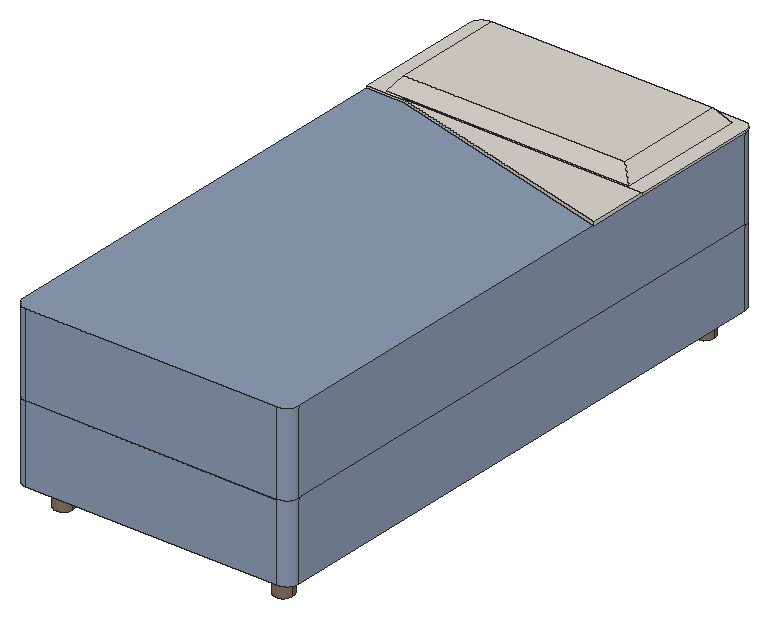
Revit family
Parameters (values of type "Single")
  Width = 900 mm
  Length = 1900 mm
  Height = 600 mm
  Feet = 80 mm
  Base = 250 mm
Types (3, lengths in mm): name | Width | Length
  (no name) | 900 | 1900
  Single | 900 | 1900
  King Single | 1050 | 2000
Reference planes
  plane 1 "Center (Front/Back)": y = 0
  plane 2: z = 0
  plane 3 "Center (Left/Right)": x = -22.674
  plane 4: y = -1900
  plane 5: x = -472.674
  plane 6: x = 427.326
  plane 7 "Base": z = 80
  plane 8 "Mattress": z = 330
  plane 9 "Top": z = 600
  plane 10: y = -1810
  plane 11: y = -90
  plane 12: x = -382.674
  plane 13: x = 337.326
Forms (mm)
  Extrusion 1, solid, material "Fabric - Bed Cover"
    sketch origin (0, 0, 80) x (0, -1, 0) y (1, 0, 0)
      loop
        line (1900, -432.674) -> (1900, 387.326)
        arc (1900, 387.326) -> (1888.284, 415.61) -> (1860, 427.326) r 40
        line (1860, 427.326) -> (40, 427.326)
        arc (40, 427.326) -> (11.716, 415.61) -> (0, 387.326) r 40
        line (0, 387.326) -> (0, -432.674)
        arc (0, -432.674) -> (11.716, -460.958) -> (40, -472.674) r 40
        line (40, -472.674) -> (1860, -472.674)
        arc (1860, -472.674) -> (1888.284, -460.958) -> (1900, -432.674) r 40
    from 0 to 250
  Extrusion 2, solid, material "Fabric - Bed Cover"
    sketch origin (0, 0, 330) x (0, -1, 0) y (1, 0, 0)
      loop
        arc (0, -432.674) -> (11.716, -460.958) -> (40, -472.674) r 40
        line (40, -472.674) -> (1860, -472.674)
        arc (1860, -472.674) -> (1888.284, -460.958) -> (1900, -432.674) r 40
        line (1900, -432.674) -> (1900, 387.326)
        arc (1900, 387.326) -> (1888.284, 415.61) -> (1860, 427.326) r 40
        line (1860, 427.326) -> (40, 427.326)
        arc (40, 427.326) -> (11.716, 415.61) -> (0, 387.326) r 40
        line (0, 387.326) -> (0, -432.674)
    from 0 to 270
  Extrusion 3, solid, material "Wood - Teak"
    sketch origin (0, 0, 0) x (1, 0, 0) y (0, 1, 0)
      loop
        circle (-382.674, -90) r 30
      loop
        circle (337.326, -90) r 30
      loop
        circle (-382.674, -1810) r 30
      loop
        circle (337.326, -1810) r 30
    from 0 to 80
  Extrusion 4, solid, material "Fabric - Bed Linen"
    sketch origin (0, 0, 600) x (0, -1, 0) y (1, 0, 0)
      loop
        line (460, -352.674) -> (657.678, 427.326) -> (460, 427.326) -> (460, -352.674)
    from 0 to 10
  Extrusion 5, solid, material "Fabric - Bed Linen"
    sketch origin (0, 0, 600) x (0, -1, 0) y (1, 0, 0)
      loop
        line (460, -472.674) -> (460, 427.326) -> (40, 427.326)
        arc (40, 427.326) -> (11.716, 415.61) -> (0, 387.326) r 40
        line (0, 387.326) -> (0, -432.674)
        arc (0, -432.674) -> (11.716, -460.958) -> (40, -472.674) r 40
        line (40, -472.674) -> (460, -472.674)
    from 0 to 5
  Blend 6, solid, material "Fabric - Bed Linen"
    base sketch origin (0, 0, 600) x (0, -1, 0) y (1, 0, 0)
      loop
        line (446.212, -417.542) -> (446.212, 372.458) -> (26.212, 372.458) -> (26.212, -417.542) -> (446.212, -417.542)
    top sketch origin (0, 0, 600) x (0, -1, 0) y (1, 0, 0)
      loop
        line (60, -382.674) -> (420, -382.674) -> (420, 337.326) -> (60, 337.326) -> (60, -382.674)
    from 5 to 50
Lines and regions (mm)
  model lines
    curve 1: line (-472.674, -460, 600) -> (427.326, -460, 600)
    curve 2: line (-352.674, -460, 600) -> (427.326, -657.678, 600)
    curve 3: line (-417.542, -26.212, 600) -> (-417.542, -446.212, 600)
    curve 4: line (372.458, -26.212, 600) -> (-417.542, -26.212, 600)
    curve 5: line (-417.542, -446.212, 600) -> (372.458, -446.212, 600)
    curve 6: line (372.458, -446.212, 600) -> (372.458, -26.212, 600)
  symbolic lines
    curve 7: line (-417.542, -446.212, 0) -> (372.458, -446.212, 0)
    curve 8: line (-417.542, -26.212, 0) -> (-417.542, -446.212, 0)
    curve 9: line (372.458, -26.212, 0) -> (-417.542, -26.212, 0)
    curve 10: line (372.458, -446.212, 0) -> (372.458, -26.212, 0)
    curve 11: line (-417.542, -26.212, 0) -> (-382.674, -60, 0)
    curve 12: line (372.458, -26.212, 0) -> (337.326, -60, 0)
    curve 13: line (372.458, -446.212, 0) -> (337.326, -420, 0)
    curve 14: line (-417.542, -446.212, 0) -> (-382.674, -420, 0)
Dimensions and locks
  equal spacing: plane 5, plane 3 "Center (Left/Right)", plane 6
  "Length": plane 4 to plane 1 "Center (Front/Back)"
  "Width": plane 5 to plane 6
  "Feet": plane 7 "Base" to plane 2
  "Base": plane 8 "Mattress" to plane 7 "Base"
  "Height": plane 9 "Top" to plane 2
  locked: plane 1 "Center (Front/Back)" to plane 11 at 90
  locked: plane 4 to plane 10 at 90
  locked: plane 5 to plane 12 at 90
  locked: plane 13 to plane 6 at 90
  aligned: curve 14 to Blend 6
Automatic sketch dimensions
  Extrusion 1 sketch curve to plane 1 "Center (Front/Back)" = 0 mm
  Extrusion 1 sketch curve to plane 6 = 0 mm
  Extrusion 1 sketch curve to plane 5 = 0 mm
  Extrusion 1 sketch curve to plane 4 = 0 mm
  plane 1 "Center (Front/Back)" to Extrusion 1 sketch curve = 40 mm  (x2)
  Extrusion 1 sketch curve to Extrusion 1 sketch curve = 40 mm
  Extrusion 1 sketch curve to plane 4 = 40 mm
  plane 1 "Center (Front/Back)" to Extrusion 2 sketch curve = 40 mm
  Extrusion 2 sketch curve to plane 1 "Center (Front/Back)" = 0 mm
  plane 6 to Extrusion 2 sketch curve = 40 mm
  Extrusion 2 sketch curve to plane 6 = 0 mm
  Extrusion 2 sketch curve to plane 4 = 40 mm  (x2)
  Extrusion 2 sketch curve to plane 5 = 0 mm
  Extrusion 2 sketch curve to plane 4 = 0 mm
  Extrusion 3 sketch curve to plane 10 = 0 mm  (x2)
  Extrusion 3 sketch curve to plane 12 = 0 mm  (x2)
  Extrusion 3 sketch curve to plane 11 = 0 mm  (x2)
  Extrusion 3 sketch curve to plane 13 = 0 mm  (x2)
  Extrusion 4 sketch curve to plane 6 = 0 mm
  Extrusion 4 sketch curve to plane 11 = 370 mm
  plane 12 to Extrusion 4 sketch curve = 30 mm
  Extrusion 4 sketch curve to Extrusion 4 sketch curve = 197.678 mm
  Extrusion 5 sketch curve to plane 1 "Center (Front/Back)" = 0 mm
  Extrusion 5 sketch curve to plane 5 = 0 mm
  Extrusion 5 sketch curve to plane 6 = 0 mm
  plane 1 "Center (Front/Back)" to Extrusion 5 sketch curve = 40 mm  (x2)
  Extrusion 5 sketch curve to plane 11 = 370 mm
  plane 1 "Center (Front/Back)" to Blend 6 sketch curve = 26.212 mm
  plane 13 to Blend 6 sketch curve = 35.132 mm
  Blend 6 sketch curve to plane 11 = 356.212 mm
  Blend 6 sketch curve to plane 12 = 34.868 mm
  Blend 6 sketch curve to plane 13 = 0 mm
  Blend 6 sketch curve to plane 12 = 0 mm
  plane 11 to Blend 6 sketch curve = 30 mm
  Blend 6 sketch curve to plane 11 = 330 mm
  curve 1 to plane 5 = 0 mm
  curve 11 to plane 12 = 0 mm
  curve 14 to plane 12 = 0 mm
  curve 13 to plane 13 = 0 mm
  curve 12 to plane 13 = 0 mm
  curve 1 to plane 6 = 0 mm
  curve 2 to plane 6 = 0 mm
  curve 14 to plane 12 = 34.868 mm
  curve 3 to curve 11 = 0 mm
  plane 12 to curve 2 = 30 mm
  plane 13 to curve 9 = 35.132 mm
  curve 5 to curve 10 = 0 mm
  curve 2 to plane 11 = 567.678 mm
  curve 2 to plane 11 = 370 mm
  curve 1 to curve 14 = 13.788 mm
  curve 3 to curve 14 = 0 mm
  curve 3 to curve 14 = 26.212 mm
  curve 5 to curve 13 = 26.212 mm
  plane 11 to curve 11 = 30 mm
  plane 11 to curve 12 = 30 mm
  plane 1 "Center (Front/Back)" to curve 10 = 26.212 mm
  curve 6 to curve 9 = 0 mm
  radius of Extrusion 3 sketch curve = 30 mm  (x4)
